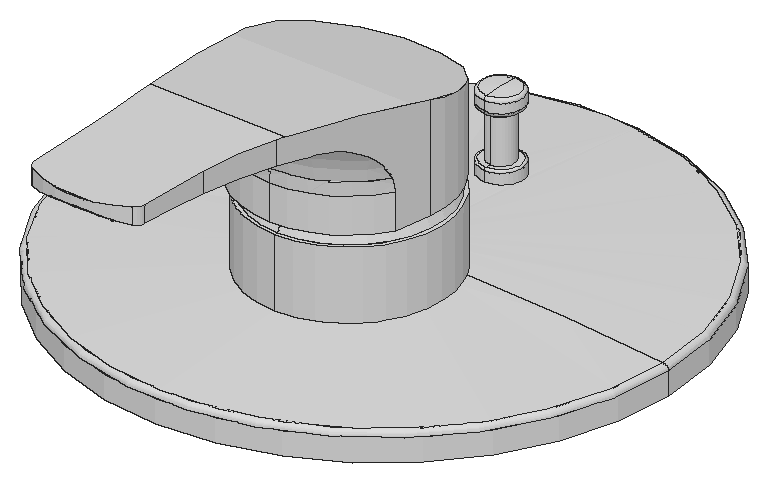
Revit family "Grohe_PlumbingFixtures_Eurosmart_SingleLeverBathMixer_19450003xxx", category Plumbing Fixtures, host Face, Revit 2018
Family settings
  Host = Face
  Round Connector Dimension = Use Diameter
  Part Type = Normal
  OmniClass Number = 23.65.00.00
  OmniClass Title = Supply and Distribution of Liquids and Gases
  Cut with Voids When Loaded = No
  Shared = No
  Room Calculation Point = No
Parameters (values of type "19450003")
  _ObjectUserGuide = "https://www.bimstore.co/products/grohe-eurosmart-single-lever-bath-mixer-19450003/document/object-user-guide"
  _DistributedBy = "www.bimstore.co"
  _CurrentRevision = 1
  _CreatedBy = "www.bimstore.co"
  _BimSpecGuid = 0
  _BSBibleVersion = 16
  _AuthorizedBy = "bimstore"
  _Author = "AM"
  Waste Connection = no
  WarrantyStartDate [instance] = "Please record on commissioning"
  WarrantyGuarantorParts = "info-uk@grohe.com"
  WarrantyGuarantorLabor = "info-uk@grohe.com"
  WarrantyDurationUnit = "Year"
  WarrantyDurationParts = "0"
  WarrantyDurationLabor = "0"
  WarrantyDescription = "n/a"
  WFU = 0
  Vent Connection = no
  URL = "https://www.grohe.co.uk/en_gb/"
  TypeName = Type Comments  # "Single-Lever Bath Mixer"
  Type Comments = "Single-Lever Bath Mixer"
  TPIDocumentLink = "n/a"
  SustainabilityReport = "green.grohe.com/reporting"
  SustainabilityAward = "green.grohe.com/awards"
  SpareParts = "n/a"
  Size = "n/a"
  Shape = "n/a"
  SerialNumber [instance] = "Please record on commissioning"
  ReplacementCost = "n/a"
  ReferencedStandard = "n/a"
  ProductionYear = "2021"
  ProductType = "n/a"
  ProductShortText = "n/a"
  ProductNumber = "n/a"
  ProductDescription = "n/a"
  PrimaryMaterial = Steel, Chrome Plated
  PQDiagramLink = "n/a"
  NominalLength = 0 mm
  NominalHeight = 0 mm
  NominalDepth = 0 mm
  NBSReference = "45-35-70/345"
  NBSOfficeMasterTag = "n/a"
  NBSObjectName = "Grohe - Mixer taps"
  NBSNote = ""
  NBSDescription = "Mixer taps"
  ModelReference = Type Comments  # "Single-Lever Bath Mixer"
  ModelNumber = Model  # "19450003"
  Model = "19450003"
  Material = "n/a"
  ManufacturerName = "Grohe"
  Manufacturer = "Grohe"
  Keynote = "N13"
  InstallationVideo = "n/a"
  InstallationDate [instance] = "Please record on commissioning"
  IfcExportType = "IfcPipeFittingType"
  IfcExportAs = "IfcPipeFitting"
  HWFU = 0
  HW Connection = yes
  Grade = "n/a"
  GROHESustainability = "green.grohe.com"
  GROHESocialCommittment = "green.grohe.com/social_engagement"
  FullRecyclabilityOfPlastic = "All plastic components are fully recyclable"
  Finish = "n/a"
  Features = "Final installation for; 33 963 000; without concealed body; GROHE StarLight chrome finish; GROHE FastFixation escutcheon with covered fixation; automatic diverter: bath/shower; escutcheon- and shaft-sealing; metal wall escutcheon."
  ExpectedLife = 0
  Ecojoy = no
  EFSE0002 = "0"
  EFDE0022 = "Group I, <=20 dB(A)"
  EF023957 = "0"
  EF023687 = "0"
  EF023686 = "0"
  EF021855 = "0"
  EF020963 = "0"
  EF020790 = "0"
  EF020789 = 102 mm
  EF020788 = "0"
  EF020786 = "2"
  EF020785 = "0"
  EF020784 = "Polished"
  EF020783 = "Chromium-plated"
  EF020782 = "Brass"
  EF020781 = "Cartouche, ceramic"
  EF020780 = "Single-grip"
  EF020779 = "0"
  EF020778 = "0"
  EF020777 = "0"
  EF020776 = "0"
  EF020775 = "0"
  EF020774 = "0"
  EF020105 = no
  EF014591 = "0"
  EF005464 = "0"
  EF002671 = "Chrome"
  EF002286 = "0"
  EF002149 = "0"
  EF000010 = "Finishing section"
  DurationUnit = "Year"
  DocumentationTechnical = "https://www.bimstore.co/products/grohe-eurosmart-single-lever-bath-mixer-19450003/document/technical-data-sheet"
  DocumentationMaintenance = "https://www.bimstore.co/products/grohe-eurosmart-single-lever-bath-mixer-19450003/document/maintenance-information"
  DocumentationLiterature = "https://www.bimstore.co/products/grohe-eurosmart-single-lever-bath-mixer-19450003/document/product-literature"
  DocumentationInstallationGuide = "https://www.bimstore.co/products/grohe-eurosmart-single-lever-bath-mixer-19450003/document/installation-guide"
  DocumentationCertificates = "https://www.bimstore.co/products/grohe-eurosmart-single-lever-bath-mixer-19450003/document/product-certificates"
  DimensionsDocumentLink = "n/a"
  Description = "Eurosmart single-lever bath mixer"
  Default Elevation = 0 mm
  CreatedOn = "2021-07-27 T09:00:00"
  CreatedBy = "info-uk@grohe.com"
  CradleToCradleCertification = "n/a"
  Constituents = "n/a"
  Color = "Chrome"
  CodePerformance = "n/a"
  ClassificationValue = "Pr_40_20_87_55"
  ClassificationName = "Uniclass 2015"
  CWFU = 0
  CW Connection = yes
  CO2NeutralProduction = "GROHE is one of the first leading manufacturer within the sanitary industry having a CO2-neutral production."
  BarCode [instance] = "Please record on commissioning"
  BIMObjectName = "Grohe_PlumbingFixtures_Eurosmart_SingleLeverBathMixer_19450003"
  AssetType = "Fixed"
  AssetIdentifier [instance] = "Please record on commissioning"
  Assembly Code = "D2010"
  AccessibilityPerformance = "n/a"
Reference planes
  plane 1 "Center (Front/Back)": y = 0
  plane 2: z = 0
  plane 3 "Center (Left/Right)": x = 0
Forms (mm)
  Extrusion 1, solid, material "Steel, Chrome Plated" <- "PrimaryMaterial"
    sketch origin (0, 0, 0) x (1, 0, 0) y (0, 1, 0)
      loop
        arc (-15.793, -105.143) -> (-15.322, -106.736) -> (-14.138, -107.901) r 3.32
        arc (-14.138, -107.901) -> (0, -111.695) -> (14.138, -107.901) r 28.238
        arc (14.138, -107.901) -> (15.322, -106.736) -> (15.793, -105.143) r 3.32
        line (15.793, -105.143) -> (16.478, -85.55)
        arc (16.478, -85.55) -> (17.292, -73.661) -> (18.902, -61.854) r 177.8
        arc (18.902, -61.854) -> (22.68, -39.161) -> (26.277, -16.438) r 2885.323
        arc (26.277, -16.438) -> (0, 14.203) -> (-26.277, -16.438) r 26.588
        arc (-26.277, -16.438) -> (-22.68, -39.161) -> (-18.902, -61.854) r 2885.323
        arc (-18.902, -61.854) -> (-17.292, -73.661) -> (-16.478, -85.55) r 177.8
        line (-16.478, -85.55) -> (-15.793, -105.143)
    from 34.094 to 84.561
  Extrusion 2, void
    sketch origin (0, 0, 0) x (0, -1, 0) y (0, 0, 1)
      loop
        arc (59.17, 70.719) -> (85.126, 72.331) -> (111.129, 72.023) r 352.045
        arc (111.129, 72.023) -> (112.211, 71.635) -> (112.894, 70.712) r 1.976
        line (112.894, 70.712) -> (112.894, 86.691) -> (-17.106, 86.691) -> (-17.106, 54.221)
        arc (-17.106, 54.221) -> (20.561, 64.647) -> (59.17, 70.719) r 342.864
    from -30 to 30
  Revolve 3, void
    sketch origin (0, 34, 1219.2) x (0, 1, 0) y (0, 0, 1)
      loop
        line (-149.609, -1185.106) -> (-74.86, -1185.106) -> (-74.86, -1175.106)
        arc (-74.86, -1175.106) -> (-74.944, -1173.131) -> (-75.194, -1171.17) r 23.388
        arc (-75.194, -1171.17) -> (-80.117, -1161.618) -> (-89.642, -1156.644) r 17.791
        line (-89.642, -1156.644) -> (-93.755, -1155.918)
        arc (-93.755, -1155.918) -> (-117.462, -1152.801) -> (-141.35, -1151.769) r 273.124
        arc (-141.35, -1151.769) -> (-145.665, -1149.625) -> (-146.558, -1144.891) r 5.408
        line (-146.558, -1144.891) -> (-149.609, -1144.891) -> (-149.609, -1185.106)
      axis (-46.385, -1144.891) -> (-46.385, -1185.106)
    angle from 0 to 360
  Revolve 4, solid, material "Steel, Chrome Plated" <- "PrimaryMaterial"
    sketch origin (0, 0, 0) x (1, 0, 0) y (0, 0, 1)
      loop
        line (0, 0) -> (0, 11.245)
        arc (0, 11.245) -> (-40.05, 10.443) -> (-80.036, 8.037) r 999.999
        arc (-80.036, 8.037) -> (-81.078, 7.53) -> (-81.5, 6.451) r 1.591
        line (-81.5, 6.451) -> (-81.5, 0) -> (0, 0)
      axis (0, 11.245) -> (0, 0)
    angle from 0 to 360
  Revolve 5, solid, material "Steel, Chrome Plated" <- "PrimaryMaterial"
    sketch origin (0, 0, 0) x (0, 1, 0) y (0, 0, 1)
      loop
        line (-12.385, 0) -> (-12.385, 43.531) -> (-28, 43.531)
        arc (-28, 43.531) -> (-34.081, 37.554) -> (-38.036, 30) r 27.463
        line (-38.036, 30) -> (-39.181, 30) -> (-39.181, 0) -> (-12.385, 0)
      axis (-12.385, 43.531) -> (-12.385, 0)
    angle from 0 to 360
  Revolve 6, solid, material "Steel, Chrome Plated" <- "PrimaryMaterial"
    sketch origin (0, 0, 0) x (0, 1, 0) y (0, 0, 1)
      loop
        arc (42, 32.65) -> (39.42, 32.569) -> (36.849, 32.327) r 41.19
        arc (36.849, 32.327) -> (36.247, 32.008) -> (36.006, 31.371) r 0.964
        line (36.006, 31.371) -> (36.006, 28.686)
        arc (36.006, 28.686) -> (36.332, 27.937) -> (37.101, 27.663) r 1.025
        arc (37.101, 27.663) -> (37.912, 27.375) -> (38.255, 26.586) r 1.08
        line (38.255, 26.586) -> (38.255, 14) -> (36.57, 14)
        arc (36.57, 14) -> (36.175, 13.837) -> (36.012, 13.443) r 0.557
        line (36.012, 13.443) -> (36.012, 0) -> (42, 0) -> (42, 32.65)
      axis (42, 32.65) -> (42, 0)
    angle from 0 to 360
  Extrusion 7, solid, material "Steel, Chrome Plated" <- "PrimaryMaterial", not visible
    sketch origin (75, 57.194, 1257.325) x (0, 1, 0) y (0, 0, -1)
      loop
        circle (-57.194, 1278.851) r 15
    from 45 to 105
Cuts and joins
  Extrusion 2, Revolve 3 cuts Extrusion 1
  joined: Extrusion 1, Revolve 4, Revolve 5, Revolve 6
Dimensions and locks
  aligned and locked: plane 2 to host face
  aligned and locked: level to host face
  aligned and locked: level to Revolve 4 sketch curve
  aligned and locked: plane 3 "Center (Left/Right)" to Revolve 4 sketch curve
  aligned and locked: Revolve 4 sketch curve to plane 3 "Center (Left/Right)"
Connectors
  piping at (30, 0, -21.526), diameter 15, driven by "CWFU"
    settings: on cut or joined group of Extrusion 1, Extrusion 2, Revolve 3, Revolve 4, Revolve 5, Revolve 6, index 1, connector inside diameter 609.6 mm, connector length 0 mm, flow factor 0, pipe flow 0.0 L/s, pressure drop 0.0 Pa, fitting loss kfactor 0, connector angle 0.00°, fixture units 0, engagement length 0 mm, angle of deflection 0.00°, flow configuration 3, flow direction 1, fitting loss method 4, system type 20, joint type 0, gender type 0, connector reference index -1, connector utility 0, adjustable connector no, is connector primary yes, connector description ""
  piping at (-30, 0, -21.526), diameter 15, driven by "HWFU"
    settings: on cut or joined group of Extrusion 1, Extrusion 2, Revolve 3, Revolve 4, Revolve 5, Revolve 6, index 2, connector inside diameter 609.6 mm, connector length 0 mm, flow factor 0, pipe flow 0.0 L/s, pressure drop 0.0 Pa, fitting loss kfactor 0, connector angle 0.00°, fixture units 0, engagement length 0 mm, angle of deflection 0.00°, flow configuration 3, flow direction 1, fitting loss method 4, system type 19, joint type 0, gender type 0, connector reference index -1, connector utility 0, adjustable connector no, is connector primary no, connector description ""
